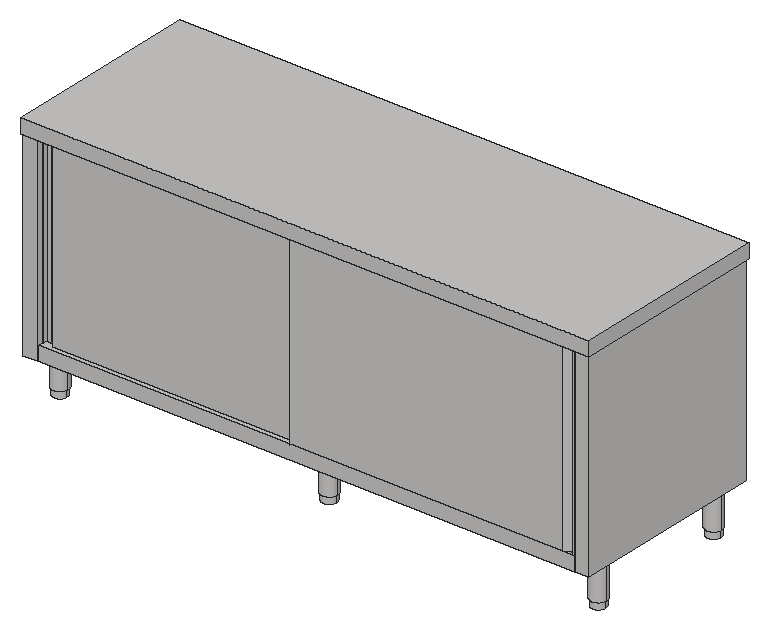
Revit family "QF_ZANUSSI_132861_MS2007N", category Attrezzature speciali, Revit 2020
Family settings
  Quota connettore circolare = Usa diametro
  Tipo di parte = Normale
  Basato su piano di lavoro = No
  Sempre verticale = Sì
  Taglio con vuoti quando caricato = No
  Condiviso = No
  Punto di calcolo locali = No
Parameters (values of type "Standard")
  Weight = 75.00 kg
  Watts = 0 W
  Volts = 0 V
  URL Manufacturer = "http://www.zanussiprofessional.com"
  URL = "http://www.zanussiprofessional.com"
  Steam Supply Size = 0 mm
  Steam Supply Minimum Pressure = 0.0 Pa
  Steam Supply Maximum Pressure = 0.0 Pa
  Steam Consumption per Hour = 0
  Refrigeration Suction Line Size = 0.0 mm
  Refrigeration Liquid Line Size = 0.0 mm
  Refrigerant Compressor Remote = yes
  Prospetto di default = 0.0 mm
  Produttore = "Zanussi"
  Phase = 0
  Modello = "MS2007N"
  Length Actual = 2000.0 mm  # constant formula
  Item Number = "132861"
  Hot Water Size = 0 mm
  Height Actual = 900.0 mm  # constant formula
  HP = "0 HP"
  Gas Size = 0 mm
  Gas KW = 0
  Gas Input Pressure = 0 W
  Direct Waste Size = 0 mm
  Descrizione = "WORKTOP CUPBOARD 2000MM"
  Depth Actual = 700.0 mm  # constant formula
  Cycle = 0 Hz
  Condensate Return Size = 0 mm
  Compressed Air Volume = 0.0 L/s
  Compressed Air Size = 0 mm
  Compressed Air Pressure = 0.0 Pa
  Cold Water Size = 0 mm
  Accessory = yes
Reference planes
  plane 1 "Center (Front/Back)": y = 0
  plane 2: z = 0
  plane 3 "Center (Left/Right)": x = -500
  plane 4 "LEFT": x = -1500
  plane 5 "RIGHT": x = 500
  plane 6 "BACK": y = 350
  plane 7 "FRONT": y = -350
  plane 8 "Base": z = 850
  plane 9 "TOP": z = 900
  plane 10: x = -1446.9
  plane 11: x = 446.9
  plane 12: y = 264.5
  plane 13: y = -241.9
  plane 14 "BodyLeft": x = -1494.5
  plane 15 "BodyFront": y = -344.5
  plane 16 "BodyRight": x = 494.5
  plane 17 "BodyBack": y = 344.5
  plane 18 "FEET": z = 150
  plane 19: x = -445
  plane 20: x = -555
Forms (mm)
  Extrusion 1, solid, material "QF_Finishes_Stainless Steel"
    sketch origin (-500, 0, 0) x (0, 1, 0) y (0, 0, 1)
      loop
        line (-350, 850) -> (350, 850) -> (350, 900) -> (-350, 900) -> (-350, 850)
    from 1000 to -1000
  Extrusion 2, solid, material "QF_Finishes_Stainless Steel"
    sketch origin (0, 0, 150) x (-1, 0, 0) y (0, -1, 0)
      loop
        line (1494.5, -344.5) -> (1494.5, 344.5) -> (1444.5, 344.5) -> (1444.5, -344.5) -> (1494.5, -344.5)
      loop
        line (-444.5, -344.5) -> (-444.5, 344.5) -> (-494.5, 344.5) -> (-494.5, -344.5) -> (-444.5, -344.5)
    from 0 to 700
  Extrusion 3, solid, material "QF_Finishes_Stainless Steel"
    sketch origin (0, 0, 150) x (-1, 0, 0) y (0, -1, 0)
      loop
        line (1443.585, -344.5) -> (1443.585, 344.5) -> (-444.5, 344.5) -> (-444.5, -344.5) -> (1443.585, -344.5)
    from 0 to 50
  Extrusion 4, solid, material "QF_Finishes_Stainless Steel"
    sketch origin (0, 0, 150) x (-1, 0, 0) y (0, -1, 0)
      loop
        line (1443.585, -344.5) -> (1443.585, -294.5) -> (-444.5, -294.5) -> (-444.5, -344.5) -> (1443.585, -344.5)
    from 50 to 700
  Extrusion 5, solid, material "QF_Finishes_Stainless Steel"
    sketch origin (0, 0, 150) x (-1, 0, 0) y (0, -1, 0)
      loop
        line (-444.5, 344.5) -> (-444.5, 324.5) -> (555, 324.5) -> (555, 344.5) -> (-404.5, 344.5) -> (-424.5, 329.5) -> (-439.5, 329.5) -> (-439.5, 344.5) -> (-444.5, 344.5)
    from 50 to 700
  Extrusion 6, solid, material "QF_Finishes_Stainless Steel"
    sketch origin (0, 20, 150) x (1, 0, 0) y (0, 1, 0)
      loop
        line (-1444.5, -344.5) -> (-1439.5, -344.5) -> (-1439.5, -329.5) -> (-1424.5, -329.5) -> (-1404.5, -344.5) -> (-445, -344.5) -> (-445, -324.5) -> (-1444.5, -324.5) -> (-1444.5, -344.5)
    from 50 to 700
Lines and regions (mm)
  symbolic lines
    curve 1: line (500, 350, 900) -> (-1500, 350, 900)
    curve 2: line (-1500, 350, 900) -> (-1500, -350, 900)
    curve 3: line (-1500, -350, 900) -> (500, -350, 900)
    curve 4: line (500, -350, 900) -> (500, 350, 900)
  symbolic lines, style "SpecialityEquipmentHiddenLines"
    curve 5: line (-1494.5, 344.5, 150) -> (494.5, 344.5, 150)
    curve 6: line (-1494.5, -344.5, 150) -> (-1494.5, 344.5, 150)
    curve 7: line (494.5, -344.5, 150) -> (-1494.5, -344.5, 150)
    curve 8: line (494.5, 344.5, 150) -> (494.5, -344.5, 150)
    curve 9: line (-1444.5, -304.5, 150) -> (-445, -304.5, 150)
    curve 10: line (-445, -304.5, 150) -> (-445, -324.5, 150)
    curve 11: line (-1444.5, -324.5, 150) -> (444.5, -324.5, 150)
    curve 12: line (444.5, -324.5, 150) -> (444.5, -344.5, 150)
    curve 13: line (-555, -324.5, 150) -> (-555, -344.5, 150)
    curve 14: line (-1444.5, -304.5, 150) -> (-1444.5, -324.5, 150)
Dimensions and locks
  plane 4 "LEFT" to plane 5 "RIGHT" = 2000.0 mm
  equal spacing: plane 4 "LEFT", plane 3 "Center (Left/Right)", plane 5 "RIGHT"
  locked: plane 8 "Base" to level at 850
  plane 9 "TOP" to level = 900.0 mm
  plane 6 "BACK" to plane 7 "FRONT" = 700.0 mm
  equal spacing: plane 6 "BACK", plane 1 "Center (Front/Back)", plane 7 "FRONT"
  locked: plane 4 "LEFT" to plane 14 "BodyLeft" at 5.5
  locked: plane 16 "BodyRight" to plane 5 "RIGHT" at 5.5
  locked: plane 15 "BodyFront" to plane 7 "FRONT" at 5.5
  locked: plane 6 "BACK" to plane 17 "BodyBack" at 5.5
  locked: plane 14 "BodyLeft" to plane 10 at 47.6
  locked: plane 11 to plane 16 "BodyRight" at 47.6
  locked: plane 13 to plane 15 "BodyFront" at 102.6
  locked: plane 17 "BodyBack" to plane 12 at 80
  plane 10 to plane 11 = 1893.8 mm
  plane 12 to plane 13 = 506.4 mm
  locked: plane 14 "BodyLeft" to Extrusion 2 sketch curve at 50
  locked: Extrusion 2 sketch curve to Extrusion 2 sketch curve at 50
  Extrusion 3 to Extrusion 4 sketch curve = 50.0 mm
  locked: plane 3 "Center (Left/Right)" to plane 19 at 55
  locked: plane 20 to plane 3 "Center (Left/Right)" at 55
  locked: plane 18 "FEET" to level at 150
  aligned and locked: level to plane 2
  aligned and locked: plane 10 to nested 1
  aligned and locked: nested 1 to plane 13
  aligned and locked: plane 11 to nested 2
  aligned and locked: nested 2 to plane 13
  aligned and locked: plane 11 to nested 4
  aligned and locked: nested 4 to plane 12
  aligned and locked: plane 10 to nested 3
  aligned and locked: nested 3 to plane 12
  aligned and locked: Extrusion 1 to plane 4 "LEFT"
  aligned and locked: plane 5 "RIGHT" to Extrusion 1
  aligned and locked: curve 2 to plane 4 "LEFT"
  aligned and locked: plane 17 "BodyBack" to Extrusion 2 sketch curve
  aligned and locked: Extrusion 2 sketch curve to plane 15 "BodyFront"
  aligned and locked: Extrusion 2 sketch curve to plane 14 "BodyLeft"
  aligned and locked: plane 16 "BodyRight" to Extrusion 2 sketch curve
  aligned and locked: Extrusion 2 sketch curve to plane 17 "BodyBack"
  aligned and locked: plane 15 "BodyFront" to Extrusion 2 sketch curve
  aligned and locked: Extrusion 3 sketch curve to plane 17 "BodyBack"
  aligned and locked: plane 15 "BodyFront" to Extrusion 3 sketch curve
  aligned and locked: plane 8 "Base" to Extrusion 2
  aligned and locked: Extrusion 4 sketch curve to Extrusion 3
  aligned and locked: plane 8 "Base" to Extrusion 5
  aligned and locked: Extrusion 5 to Extrusion 3
  aligned and locked: Extrusion 6 sketch curve to plane 19
  aligned and locked: Extrusion 5 sketch curve to plane 20
  aligned and locked: Extrusion 1 to plane 8 "Base"
  aligned and locked: plane 9 "TOP" to Extrusion 1
  aligned and locked: curve 5 to plane 17 "BodyBack"
  aligned and locked: plane 14 "BodyLeft" to curve 6
  aligned and locked: plane 15 "BodyFront" to curve 7
  aligned and locked: plane 16 "BodyRight" to curve 8
  aligned and locked: plane 3 "Center (Left/Right)" to nested 5
  aligned and locked: plane 3 "Center (Left/Right)" to nested 6
Automatic sketch dimensions
  curve 3 to plane 7 "FRONT" = 0.0 mm
  curve 4 to plane 6 "BACK" = 0.0 mm
  Extrusion 1 sketch curve to plane 7 "FRONT" = 0.0 mm
  plane 9 "TOP" to Extrusion 1 sketch curve = 0.0 mm
  Extrusion 1 sketch curve to plane 6 "BACK" = 0.0 mm
  Extrusion 1 sketch curve to plane 8 "Base" = 0.0 mm
  Extrusion 5 sketch curve to plane 15 "BodyFront" = 0.0 mm  (x2)
  Extrusion 5 sketch curve to plane 11 = 2.4 mm
  Extrusion 5 sketch curve to Extrusion 5 sketch curve = 5.0 mm
  Extrusion 5 sketch curve to Extrusion 5 sketch curve = 15.0 mm
  Extrusion 5 sketch curve to Extrusion 5 sketch curve = 20.0 mm
  plane 15 "BodyFront" to Extrusion 5 sketch curve = 15.0 mm
  plane 15 "BodyFront" to Extrusion 5 sketch curve = 20.0 mm
  Extrusion 6 sketch curve to plane 15 "BodyFront" = 20.0 mm  (x2)
  Extrusion 6 sketch curve to plane 10 = 2.4 mm
  Extrusion 6 sketch curve to Extrusion 6 sketch curve = 5.0 mm
  Extrusion 6 sketch curve to Extrusion 6 sketch curve = 15.0 mm
  Extrusion 6 sketch curve to Extrusion 6 sketch curve = 20.0 mm  (x2)
  Extrusion 6 sketch curve to plane 15 "BodyFront" = 35.0 mm
  Extrusion 3 sketch curve to plane 11 = 2.4 mm
  plane 10 to Extrusion 3 sketch curve = 3.315 mm
  Extrusion 4 sketch curve to plane 11 = 2.4 mm
  plane 10 to Extrusion 4 sketch curve = 3.315 mm
  curve 10 to plane 19 = 0.0 mm
  curve 13 to plane 20 = 0.0 mm
  curve 11 to plane 11 = 2.4 mm
  plane 15 "BodyFront" to curve 9 = 40.0 mm
  curve 12 to curve 12 = 20.0 mm
  plane 10 to curve 14 = 2.4 mm
  curve 4 to plane 5 "RIGHT" = 0.0 mm
Nested families
  nested 1: "FEET_D58-150" at (-1446.9, -241.9, 0), type "FEET_D58-150"
  nested 2: "FEET_D58-150" at (446.9, -241.9, 0), type "FEET_D58-150"
  nested 3: "FEET_D58-150" at (-1446.9, 264.5, 0), type "FEET_D58-150"
  nested 4: "FEET_D58-150" at (446.9, 264.5, 0), type "FEET_D58-150"
  nested 5: "FEET_D58-150" at (-500, -241.9, 0), type "FEET_D58-150"
  nested 6: "FEET_D58-150" at (-500, 264.5, 0), type "FEET_D58-150"
Definition of nested family "FEET_D58-150"
  Parameters
    Default Elevation = 0.0 mm
    FEET = 150.0 mm
  Reference planes
    plane 1 "Center (Front/Back)": y = 0
    plane 2: z = 0
    plane 3 "Center (Left/Right)": x = 0
    plane 4: z = 150
  Forms (mm)
    Extrusion 1, solid
      sketch origin (0, 0, 0) x (1, 0, 0) y (0, 1, 0)
        loop
          circle (0, 0) r 25
      from 0 to 25
    Extrusion 2, solid
      sketch origin (0, 0, 0) x (1, 0, 0) y (0, 1, 0)
        loop
          circle (0.061, 0) r 29
      from 25 to 150 <- "FEET"
  Lines and regions (mm)
    symbolic lines
      curve 1: line (0, -1.503, 0) -> (0, 1.508, 0)
      curve 2: line (1.561, 0, 0) -> (-1.439, 0, 0)
  Dimensions and locks
    "FEET": plane 4 to plane 2
    aligned and locked: level to plane 2
  Automatic sketch dimensions
    plane 1 "Center (Front/Back)" to Extrusion 1 sketch curve = 0.0 mm
    Extrusion 1 sketch curve to plane 3 "Center (Left/Right)" = 0.0 mm
    plane 1 "Center (Front/Back)" to curve 2 = 0.0 mm
    curve 1 to plane 3 "Center (Left/Right)" = 0.0 mm
    curve 2 to plane 3 "Center (Left/Right)" = 1.439 mm
    plane 3 "Center (Left/Right)" to curve 2 = 1.561 mm
    plane 1 "Center (Front/Back)" to curve 1 = 1.503 mm
    curve 1 to plane 1 "Center (Front/Back)" = 1.508 mm
    plane 1 "Center (Front/Back)" to Extrusion 2 sketch curve = 0.0 mm
    plane 3 "Center (Left/Right)" to Extrusion 2 sketch curve = 0.061 mm
    radius of Extrusion 1 sketch curve = 25.0 mm
    radius of Extrusion 2 sketch curve = 29.0 mm
